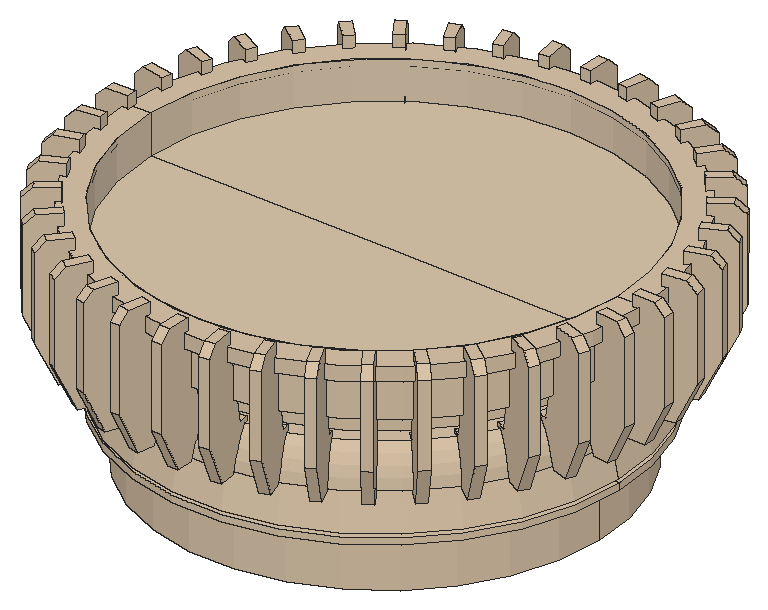
Revit family "KHL_Kemlux-Celing", category Lighting Fixtures, host Face, Revit 2013 (continued)
Definition of nested family "KHL"
  Automatic sketch dimensions
    Extrusion 39 sketch curve to Extrusion 39 sketch curve = 0' - 0.38321"
    Extrusion 39 sketch curve to Extrusion 39 sketch curve = 0' - 0.43044"
    Extrusion 39 sketch curve to Extrusion 39 sketch curve = 0' - 0.57179"
    Extrusion 39 sketch curve to Extrusion 39 sketch curve = 0' - 0 1/4"  (x2)
    Extrusion 39 sketch curve to Extrusion 39 sketch curve = 0' - 0.39395"
    Extrusion 39 sketch curve to Extrusion 39 sketch curve = 0' - 1.02515"
    Extrusion 39 sketch curve to Extrusion 39 sketch curve = 0' - 0.67103"
    Extrusion 39 sketch curve to Extrusion 39 sketch curve = 0' - 1.93305"
    Extrusion 39 sketch curve to Extrusion 39 sketch curve = 0' - 0.08345"
    Extrusion 40 sketch curve to Extrusion 40 sketch curve = 0' - 0 7/16"
    Extrusion 40 sketch curve to Extrusion 40 sketch curve = 0' - 0.13206"
    Extrusion 40 sketch curve to Extrusion 40 sketch curve = 0' - 0.295"
    Extrusion 40 sketch curve to Extrusion 40 sketch curve = 0' - 0.38321"
    Extrusion 40 sketch curve to Extrusion 40 sketch curve = 0' - 0.43044"
    Extrusion 40 sketch curve to Extrusion 40 sketch curve = 0' - 0.57179"
    Extrusion 40 sketch curve to Extrusion 40 sketch curve = 0' - 0 1/4"  (x2)
    Extrusion 40 sketch curve to Extrusion 40 sketch curve = 0' - 0.39395"
    Extrusion 40 sketch curve to Extrusion 40 sketch curve = 0' - 1.02515"
    Extrusion 40 sketch curve to Extrusion 40 sketch curve = 0' - 0.67103"
    Extrusion 40 sketch curve to Extrusion 40 sketch curve = 0' - 1.93305"
    Extrusion 40 sketch curve to Extrusion 40 sketch curve = 0' - 0.08345"
    Extrusion 41 sketch curve to Extrusion 41 sketch curve = 0' - 0 7/16"
    Extrusion 41 sketch curve to Extrusion 41 sketch curve = 0' - 0.13206"
    Extrusion 41 sketch curve to Extrusion 41 sketch curve = 0' - 0.295"
    Extrusion 41 sketch curve to Extrusion 41 sketch curve = 0' - 0.38321"
    Extrusion 41 sketch curve to Extrusion 41 sketch curve = 0' - 0.43044"
    Extrusion 41 sketch curve to Extrusion 41 sketch curve = 0' - 0.57179"
    Extrusion 41 sketch curve to Extrusion 41 sketch curve = 0' - 0 1/4"  (x2)
    Extrusion 41 sketch curve to Extrusion 41 sketch curve = 0' - 0.39395"
    Extrusion 41 sketch curve to Extrusion 41 sketch curve = 0' - 1.02515"
    Extrusion 41 sketch curve to Extrusion 41 sketch curve = 0' - 0.67103"
    Extrusion 41 sketch curve to Extrusion 41 sketch curve = 0' - 1.93305"
    Extrusion 41 sketch curve to Extrusion 41 sketch curve = 0' - 0.08345"
    Extrusion 42 sketch curve to Extrusion 42 sketch curve = 0' - 0 7/16"
    Extrusion 42 sketch curve to Extrusion 42 sketch curve = 0' - 0.13206"
    Extrusion 42 sketch curve to Extrusion 42 sketch curve = 0' - 0.295"
    Extrusion 42 sketch curve to Extrusion 42 sketch curve = 0' - 0.38321"
    Extrusion 42 sketch curve to Extrusion 42 sketch curve = 0' - 0.43044"
    Extrusion 42 sketch curve to Extrusion 42 sketch curve = 0' - 0.57179"
    Extrusion 42 sketch curve to Extrusion 42 sketch curve = 0' - 0 1/4"  (x2)
    Extrusion 42 sketch curve to Extrusion 42 sketch curve = 0' - 0.39395"
    Extrusion 42 sketch curve to Extrusion 42 sketch curve = 0' - 1.02515"
    Extrusion 42 sketch curve to Extrusion 42 sketch curve = 0' - 0.67103"
    Extrusion 42 sketch curve to Extrusion 42 sketch curve = 0' - 1.93305"
    Extrusion 42 sketch curve to Extrusion 42 sketch curve = 0' - 0.08345"
    Extrusion 43 sketch curve to Extrusion 43 sketch curve = 0' - 0 7/16"
    Extrusion 43 sketch curve to Extrusion 43 sketch curve = 0' - 0.13206"
    Extrusion 43 sketch curve to Extrusion 43 sketch curve = 0' - 0.295"
    Extrusion 43 sketch curve to Extrusion 43 sketch curve = 0' - 0.38321"
    Extrusion 43 sketch curve to Extrusion 43 sketch curve = 0' - 0.43044"
    Extrusion 43 sketch curve to Extrusion 43 sketch curve = 0' - 0.57179"
    Extrusion 43 sketch curve to Extrusion 43 sketch curve = 0' - 0 1/4"  (x2)
    Extrusion 43 sketch curve to Extrusion 43 sketch curve = 0' - 0.39395"
    Extrusion 43 sketch curve to Extrusion 43 sketch curve = 0' - 1.02515"
    Extrusion 43 sketch curve to Extrusion 43 sketch curve = 0' - 0.67103"
    Extrusion 43 sketch curve to Extrusion 43 sketch curve = 0' - 1.93305"
    Extrusion 43 sketch curve to Extrusion 43 sketch curve = 0' - 0.08345"
    Revolve 2 sketch curve to plane 3 "Center (Left/Right)" = 0' - 0"  (x2)
    Revolve 2 sketch curve to plane 8 = 0' - 0 1/2"
    level to Revolve 2 sketch curve = 0' - 1 5/16"
    Revolve 2 sketch curve to plane 8 = 0' - 0.23742"
    Revolve 2 sketch curve to plane 8 = 0' - 0.39032"
    Revolve 2 sketch curve to plane 8 = 0' - 0.45302"
    Revolve 2 sketch curve to Revolve 2 sketch curve = 0' - 0.00969"
    Revolve 2 sketch curve to Revolve 2 sketch curve = 0' - 0.51192"
    plane 8 to Revolve 2 sketch curve = 0' - 0.70329"
    Revolve 2 sketch curve to Revolve 2 sketch curve = 0' - 0 1/4"
    Revolve 2 sketch curve to Revolve 2 sketch curve = 0' - 1 1/8"
    Revolve 2 sketch curve to level = 0' - 4 1/2"
    Revolve 2 sketch curve to Revolve 2 sketch curve = 0' - 0.16729"
    plane 4 to Revolve 2 sketch curve = 0' - 2 1/2"
    plane 8 to Revolve 2 sketch curve = 0' - 0"
Types (10): name | Wattage Comments | Wattage | Watt | Photometric Web File | Optics | Material Finish | built-in parameter 1150105 | Lumens | Lamp | built-in parameter 1150106 | Glass | built-in parameter 1150104 | Apparent Load
  (no name) | "43 Watts, 18 LEDs" | 43 W | 43 W | "KXL-18L-X-5K-5M.ies" | "Type V Square" | Hubbell - Tan | 345.6 (stored number, unit not read) | 4343 lm | "18 High Performanc LEDs" | 3.456 (stored number, unit not read) | Hubbell - White Glass | 9.3832 (stored number, unit not read) | 43 VA
  KHL-18L-X-5K-5M | "43 Watts, 18 LEDs" | 43 W | 43 W | "KXL-18L-X-5K-5M.ies" | "Type V Square" | Hubbell - Tan | 345.6 (stored number, unit not read) | 4343 lm | "18 High Performanc LEDs" | 3.456 (stored number, unit not read) | Hubbell - White Glass | 9.3832 (stored number, unit not read) | 43 VA
  KHL-18L-X-5K-5R | "43 Watts, 18 LEDs" | 43 W | 43 W | "KXL-18L-X-5K-5R.ies" | "Type V Rectangle" | none | 349.03 (stored number, unit not read) | 4386 lm | "18 High Performanc LEDs" | 3.4903 (stored number, unit not read) | none | 9.4761 (stored number, unit not read) | 43 VA
  KHL-18L-X-5K-N | "43 Watts, 18 LEDs" | 43 W | 43 W | "KXL-18L-X-5K-N.ies" | "Narrow" | none | 352.45 (stored number, unit not read) | 4429 lm | "18 High Performanc LEDs" | 3.5245 (stored number, unit not read) | none | 9.569 (stored number, unit not read) | 43 VA
  KHL-24L-X-5K-5M | "57 Watts, 24 LEDs" | 57 W | 57 W | "KXL-24L-X-5K-5M.ies" | "Type V Square" | none | 1765.2 (stored number, unit not read) | 5700 lm | "24 High Performanc LEDs" | 17.652 (stored number, unit not read) | none | 9.2903 (stored number, unit not read) | 57 VA
  KHL-24L-X-5K-5R | "57 Watts, 24 LEDs" | 57 W | 57 W | "KXL-24L-X-5K-5R.ies" | "Type V Rectangle" | none | 467.2 (stored number, unit not read) | 5871 lm | "24 High Performanc LEDs" | 4.672 (stored number, unit not read) | none | 9.569 (stored number, unit not read) | 57 VA
  KHL-24L-X-5K-N | "57 Watts, 24 LEDs" | 57 W | 57 W | "KXL-24L-X-5K-N.ies" | "Narrow" | none | 476.27 (stored number, unit not read) | 5985 lm | "24 High Performanc LEDs" | 4.7627 (stored number, unit not read) | none | 9.7548 (stored number, unit not read) | 57 VA
  KHL-36L-X-5K-5M | "86 Watts, 36 LEDs" | 86 W | 86 W | "KXL-36L-X-5K-5M.ies" | "Type V Square" | none | 677.52 (stored number, unit not read) | 8514 lm | "36 High Performanc LEDs" | 6.7752 (stored number, unit not read) | none | 9.1974 (stored number, unit not read) | 86 VA
  KHL-36L-X-5K-5R | "86 Watts, 36 LEDs" | 86 W | 86 W | "KXL-36L-X-5K-5R.ies" | "Type V Rectangle" | none | 698.05 (stored number, unit not read) | 8772 lm | "36 High Performanc LEDs" | 6.9805 (stored number, unit not read) | none | 9.4761 (stored number, unit not read) | 86 VA
  KHL-36L-X-5K-N | "86 Watts, 36 LEDs" | 86 W | 86 W | "KXL-36L-X-5K-N.ies" | "Type V Rectangle" | none | 718.58 (stored number, unit not read) | 9030 lm | "36 High Performanc LEDs" | 7.1858 (stored number, unit not read) | none | 9.7548 (stored number, unit not read) | 86 VA
